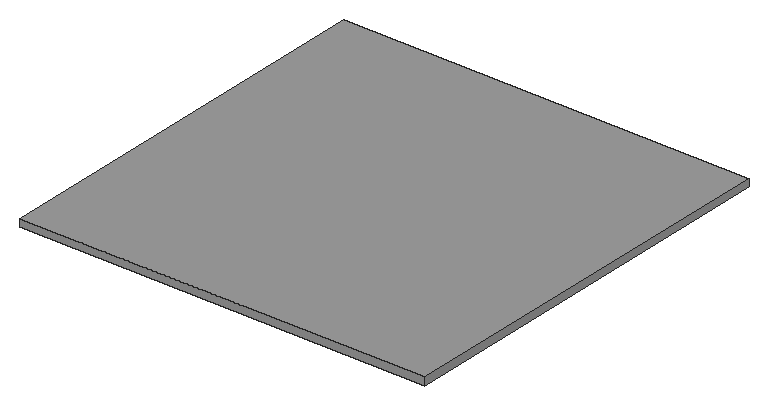
Revit family "WM-MN Skimmend 75mm Family", category Generic Models, host Ceiling, Revit 2017
Family settings
  Host = Ceiling
  Can host rebar = No
  Round Connector Dimension = Use Diameter
  Part Type = Normal
  Always vertical = Yes
  Cut with Voids When Loaded = No
  Shared = No
  Room Calculation Point = No
Parameters (values of type "Lambdaboard")
  Width = 4000 mm
  URL = "www.rigifoam.com"
  Type Comments = "duncan@rigifoam.com"
  Thermal Resistance = 3.1300 (m²·K)/W
  Thermal Conductivity = 0.0240 W/(m·K)
  Model = "WM/MN Skimmend 75mm"
  Material = Polyisocyanurate
  Manufacturer = "Lambdaboard"
  Length = 4000 mm
  Description = "Flexible PIR Insulation"
  Depth = 75 mm
  Density = 40.0000 kg/m³
Reference planes
  plane 1 "Center (Front/Back)": y = 0
  plane 2: z = 0
  plane 3 "Center (Left/Right)": x = 0
  plane 4 "Ceiling": z = 4000
Forms (mm)
  Extrusion 1, solid, material "Polyisocyanurate" <- "Material"
    sketch origin (0, 0, 4000) x (0, 1, 0) y (-1, 0, 0)
      loop
        line (2000, 2000) -> (-2000, 2000) -> (-2000, -2000) -> (2000, -2000) -> (2000, 2000)
    from -75 to 0
Dimensions and locks
  equal spacing: host sketch curve, plane 3 "Center (Left/Right)", host sketch curve
  equal spacing: host sketch curve, plane 1 "Center (Front/Back)", host sketch curve
  host sketch curve to host sketch curve = 4000 mm  (x2)
  plane 4 "Ceiling" to host ceiling = 0 mm
  "Length": Extrusion 1 to Extrusion 1
  "Width": Extrusion 1 to Extrusion 1
  Extrusion 1 to plane 3 "Center (Left/Right)" = 2000 mm
  plane 3 "Center (Left/Right)" to Extrusion 1 = 2000 mm
  "Depth": Extrusion 1 to Extrusion 1
Automatic sketch dimensions
  plane 1 "Center (Front/Back)" to Extrusion 1 sketch curve = 2000 mm
  Extrusion 1 sketch curve to plane 1 "Center (Front/Back)" = 2000 mm
  plane 3 "Center (Left/Right)" to Extrusion 1 sketch curve = 2000 mm
  Extrusion 1 sketch curve to plane 3 "Center (Left/Right)" = 2000 mm
